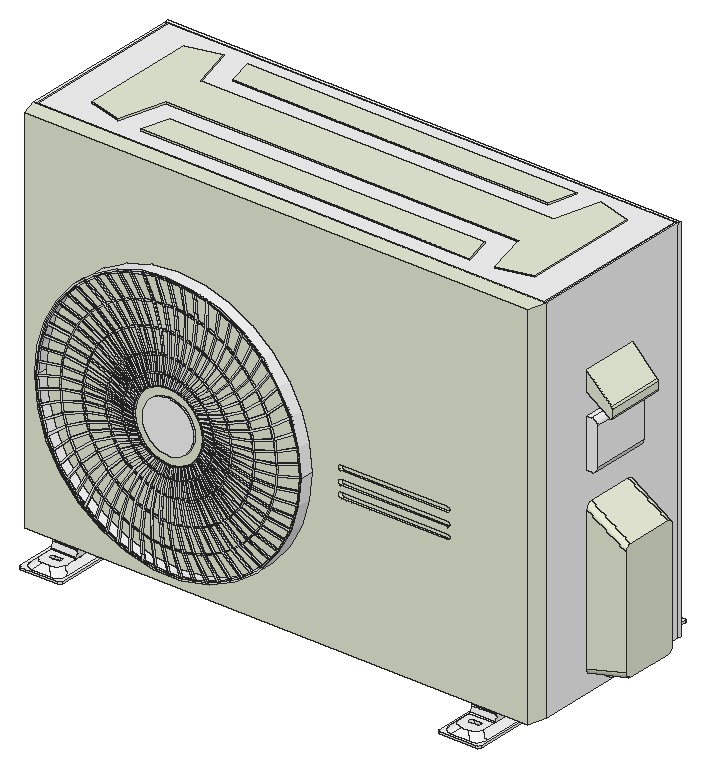
Revit family "M3OA-27HFN8-Q", category Attrezzatura meccanica, Revit 2022
Family settings
  Quota connettore circolare = Usa diametro
  Tipo di parte = Normale
  Numero OmniClass = 23.75.00.00
  Titolo OmniClass = Climate Control (HVAC)
  Basato su piano di lavoro = No
  Sempre verticale = Sì
  Taglio con vuoti quando caricato = No
  Mantieni orientamento annotazione = No
  Condiviso = No
  Punto di calcolo locali = No
Parameters (values of type "T6")
  clearance access right = 600.000 mm
  clearance access left = 300.000 mm
  clearance access front = 2000.000 mm
  clearance access behind = 300.000 mm
  clearance [instance] = no
  Width = 890.000 mm
  Series = ""
  Prospetto di default = 0.000 mm
  Power supply = "220-240V,1Ph, 50/60Hz"
  Net Weight = 48.00 kg
  Modello = "M3OA-27HFN8-Q"
  Minimum Circuit Amps = 18 A
  Min cable selection (power wiring) = "2.5x3 mm2"
  Maximum Fuse Amps = 30 A
  Liquid pipe Radius = 0.5 * Liquid pipe  # 3.175 mm
  Liquid pipe = 6.350 mm
  Installation = "Outdoor installation"
  Height = 673.000 mm
  Gas pipe Radius = 0.5 * Gas pipe  # 4.760 mm
  Gas pipe = 9.520 mm
  Gas = "R32"
  Depth = 342.000 mm
  Condensation = ""
  Compressor = "1"
  Casing color = "SB2098"
  Air Flow = 3500.00 m³/h
Reference planes
  plane 1 "Center (Front/Back)": y = 0
  plane 2: z = 0
  plane 3 "Center (Left/Right)": x = 0
  plane 4: y = 155.5
  plane 5: y = -189.5
  plane 6: x = -400
  plane 7: x = 495
  plane 8: z = 406.5
  plane 9: z = 673
  plane 10: z = 289.5
  plane 11: x = -415
Forms (mm)
  Extrusion 1, solid, material "Galvanized Steel", detail levels medium+fine
    sketch origin (-463, 23.5, 789) x (1, 0, 0) y (0, 1, 0)
      loop
        line (63, -159) -> (71.574, -191) -> (949.426, -191) -> (958, -159) -> (63, -159)
    from -765 to -116
  Extrusion 2, void
    sketch origin (0, 0, -120) x (1, 0, 0) y (0, 0, 1)
      loop
        circle (-122.999, 406.499) r 230
    from 117.48 to 159
  Extrusion 3, solid, material "Galvanized Steel", detail levels fine
    sketch origin (0, 0, 0) x (1, 0, 0) y (0, 1, 0)
      loop
        line (-336.632, 111.286) -> (-336.632, -88.714) -> (-278.677, -104.243) -> (-257.971, -26.969) -> (100, -26.969) -> (357.971, -26.969) -> (378.677, -104.243) -> (436.632, -88.714) -> (436.632, 111.286) -> (378.677, 126.816) -> (357.971, 49.542) -> (100, 49.542) -> (-257.971, 49.542) -> (-278.677, 126.816) -> (-336.632, 111.286)
      loop
        line (-237.266, 126.816) -> (-224.511, 79.213) -> (100, 79.213) -> (324.511, 79.213) -> (337.266, 126.816) -> (100, 126.816) -> (-237.266, 126.816)
      loop
        line (-237.266, -106.816) -> (100, -106.816) -> (337.266, -106.816) -> (324.511, -59.213) -> (100, -59.213) -> (-224.511, -59.213) -> (-237.266, -106.816)
    from 673 to 675
  Extrusion 4, solid, material "Galvanized Steel", detail levels fine
    sketch origin (105.5, 0, 92.706) x (1, 0, 0) y (0, 0, 1)
      loop
        line (389.5, 440) -> (389.5, 406.221) -> (430.474, 377.42)
        arc (430.474, 377.42) -> (433.379, 376.988) -> (435.462, 379.059) r 3.274
        line (435.462, 379.059) -> (435.462, 392.009)
        arc (435.462, 392.009) -> (434.777, 394.004) -> (433.689, 395.811) r 10
        line (433.689, 395.811) -> (389.5, 440)
    from -49.542 to 50
  Extrusion 5, solid, material "HXL White", detail levels fine
    sketch origin (95, 0, 92.706) x (1, 0, 0) y (0, 0, 1)
      loop
        line (400, 367.163) -> (400, 282.163) -> (410, 282.163)
        arc (410, 282.163) -> (417.071, 285.092) -> (420, 292.163) r 10
        line (420, 292.163) -> (420, 357.163)
        arc (420, 357.163) -> (417.071, 364.234) -> (410, 367.163) r 10
        line (410, 367.163) -> (400, 367.163)
    from -49.542 to 50
  Extrusion 6, solid, material "HXL White", detail levels fine
    sketch origin (0, 0, 55) x (1, 0, 0) y (0, 0, 1)
      loop
        line (-400, 451.5) -> (-413.971, 441.771)
        arc (-413.971, 441.771) -> (-414.612, 441.134) -> (-415, 440.318) r 2.624
        line (-415, 440.318) -> (-415, 438.504)
        arc (-415, 438.504) -> (-414.222, 436.932) -> (-412.501, 436.597) r 1.977
        line (-412.501, 436.597) -> (-400, 440.016) -> (-400, 451.5)
    from -49.542 to 26.969
  Extrusion 7, void
    sketch origin (398.949, -167.5, 789) x (1, 0, 0) y (0, 0, -1)
      loop
        line (-236.785, 471.577) -> (-51.785, 471.577)
        arc (-51.785, 471.577) -> (-46.785, 476.577) -> (-51.785, 481.577) r 5
        line (-51.785, 481.577) -> (-236.785, 481.577)
        arc (-236.785, 481.577) -> (-241.785, 476.577) -> (-236.785, 471.577) r 5
      loop
        line (-236.785, 494.283) -> (-51.785, 494.283)
        arc (-51.785, 494.283) -> (-46.785, 499.283) -> (-51.785, 504.283) r 5
        line (-51.785, 504.283) -> (-236.785, 504.283)
        arc (-236.785, 504.283) -> (-241.785, 499.283) -> (-236.785, 494.283) r 5
      loop
        line (-236.785, 514.283) -> (-51.785, 514.283)
        arc (-51.785, 514.283) -> (-46.785, 519.283) -> (-51.785, 524.283) r 5
        line (-51.785, 524.283) -> (-236.785, 524.283)
        arc (-236.785, 524.283) -> (-241.785, 519.283) -> (-236.785, 514.283) r 5
    from 0 to 5.5
Cuts and joins
  Extrusion 2, Extrusion 7 cuts Extrusion 1
Lines and regions (mm)
  model lines
    curve 1: line (-305, 150.5, 673) -> (-305, -135.5, 673)
    curve 2: line (495, 150.5, 673) -> (-305, 150.5, 673)
    curve 3: line (495, -135.5, 673) -> (495, 150.5, 673)
    curve 4: line (-305, -135.5, 673) -> (495, -135.5, 673)
    curve 5: line (-400, 150.5, 24) -> (-400, -135.5, 24)
    curve 6: line (495, 150.5, 24) -> (-400, 150.5, 24)
    curve 7: line (495, -135.5, 24) -> (495, 150.5, 24)
    curve 8: line (-400, -135.5, 24) -> (495, -135.5, 24)
    curve 9: line (-400, -135.5, 555) -> (-400, -135.5, 24)
    curve 10: line (495, -135.5, 24) -> (495, -135.5, 668)
    curve 11: line (495, 155.5, 673) -> (495, 155.5, 142)
    curve 12: line (-400, 155.5, 142) -> (-400, 155.5, 673)
Dimensions and locks
  aligned and locked: level to plane 2
Nested families
  nested 1: "pingban-HXL" at (-400, 155.5, 24), type "pingban-HXL", detail levels medium+fine
    with Width 895.000 mm, Height 649.000 mm, Depth 5.000 mm
  nested 2: "pingban-HXL" at (-400, -135.5, 24) x (0, 1, 0) z (0, 0, 1), type "pingban-HXL", detail levels medium+fine
    with Width 286.000 mm, Height 649.000 mm, Depth 5.000 mm
  nested 3: "pingban-HXL" at (495, 150.5, 24) x (0, -1, 0) z (0, 0, 1), type "pingban-HXL", detail levels medium+fine
    with Width 286.000 mm, Height 649.000 mm, Depth 5.000 mm
  nested 4: "xiaodijia2" at (413, 0, 0), type "xiaodijia2", detail levels medium+fine
  nested 5: "xiaodijia2" at (-318, 0, 0), type "xiaodijia2", detail levels medium+fine
  nested 6: "pingban-HXL" at (-395, 150.5, 24), type "pingban-HXL", detail levels medium+fine
    with Width 885.000 mm, Height 5.000 mm, Depth 286.000 mm
  nested 7: "pingban-HXL" at (-395, 150.5, 668), type "pingban-HXL", detail levels medium+fine
    with Width 885.000 mm, Height 5.000 mm, Depth 286.000 mm
  nested 8: "service space" at (-400, 155.5, 0), visible <- "clearance", Height <- "Height", type "Midea Service  Space"
    with Width 895.000 mm, Height 673.000 mm, Depth 300.000 mm
  nested 9: "service space" at (495, -189.5, 0), visible <- "clearance", Height <- "Height", type "Midea Service  Space"
    with Width 600.000 mm, Height 673.000 mm, Depth 345.000 mm
  nested 10: "service space" at (-700, -189.5, 0), visible <- "clearance", Height <- "Height", type "Midea Service  Space"
    with Width 300.000 mm, Height 673.000 mm, Depth 345.000 mm
  nested 11: "service space" at (-400, -2189.5, 0), visible <- "clearance", Height <- "Height", type "Midea Service  Space"
    with Width 895.000 mm, Height 673.000 mm, Depth 2000.000 mm
  nested 12: "pretection2" at (511.205, 0, 53.418), type "pretection2", detail levels fine
    with clearance no
  nested 13: "fengkou230（quxian）" at (-122.999, -189.5, 286.5) x (1, 0, 0) z (0, 1, 0), type "fengkou230（quxian）", detail levels medium+fine
  nested 14: "fengshan230" at (-122.999, -130, 286.5) x (-1, 0, 0) z (0, 1, 0), type "fengshan230", detail levels fine
  nested 15: "guan_HXL" at (512.596, -20, 164.965) x (0, 0.866, -0.5) z (0, 0.5, 0.866), type "guan_HXL"
    with luomukuandu2 30.000 mm, luomukuandu 20.000 mm, luomuhoudu2 10.000 mm, luomuhoudu 10.000 mm, diameter2 20.000 mm, diameter 20.000 mm, Length2 40.000 mm, Length 85.000 mm
  nested 16: "guan_HXL" at (512.596, -20, 93.918) x (0, 0.866, -0.5) z (0, 0.5, 0.866), type "guan_HXL"
    with luomukuandu2 30.000 mm, luomukuandu 20.000 mm, luomuhoudu2 10.000 mm, luomuhoudu 10.000 mm, diameter2 20.000 mm, diameter 20.000 mm, Length2 40.000 mm, Length 85.000 mm
  nested 17: "guan_HXL" at (512.596, 15, 164.965) x (0, 0.866, -0.5) z (0, 0.5, 0.866), type "guan_HXL"
    with luomukuandu2 30.000 mm, luomukuandu 20.000 mm, luomuhoudu2 10.000 mm, luomuhoudu 10.000 mm, diameter2 20.000 mm, diameter 20.000 mm, Length2 40.000 mm, Length 85.000 mm
  nested 18: "guan_HXL" at (512.596, 15, 93.918) x (0, 0.866, -0.5) z (0, 0.5, 0.866), type "guan_HXL"
    with luomukuandu2 30.000 mm, luomukuandu 20.000 mm, luomuhoudu2 10.000 mm, luomuhoudu 10.000 mm, diameter2 20.000 mm, diameter 20.000 mm, Length2 40.000 mm, Length 85.000 mm
  nested 19: "guan_HXL" at (512.596, -20, 216.227) x (0, 0.866, -0.5) z (0, 0.5, 0.866), type "guan_HXL"
    with luomukuandu2 30.000 mm, luomukuandu 20.000 mm, luomuhoudu2 10.000 mm, luomuhoudu 10.000 mm, diameter2 20.000 mm, diameter 20.000 mm, Length2 40.000 mm, Length 85.000 mm
  nested 20: "guan_HXL" at (512.596, 15, 216.227) x (0, 0.866, -0.5) z (0, 0.5, 0.866), type "guan_HXL"
    with luomukuandu2 30.000 mm, luomukuandu 20.000 mm, luomuhoudu2 10.000 mm, luomuhoudu 10.000 mm, diameter2 20.000 mm, diameter 20.000 mm, Length2 40.000 mm, Length 85.000 mm
Connectors
  electrical at (515, -0.229, 417.369)
    settings: on Extrusion 5, index 1, voltage 220 V, apparent load 0 VA, apparent load phase1 0 VA, apparent load phase2 0 VA, apparent load phase3 0 VA, power factor 1, load classification "HVAC", number of poles 1, system type 30, power factor state 1, is connector primary yes, connector utility no, sub classification motor no, connector description ""
  piping at (467.596, -20, 164.965), diameter 6.35
    settings: on nested 15, index 2, connector inside diameter 1/4", connector length 0.000 mm, flow factor 0, pipe flow 0 GPM, pressure drop 0.00 psi, fitting loss kfactor 0, connector angle 0.00°, fixture units 0, engagement length 0.000 mm, angle of deflection 0.00°, flow configuration 0, flow direction 0, fitting loss method 0, system type 19, joint type 0, gender type 0, connector reference index -1, connector utility 0, adjustable connector no, is connector primary yes, connector description ""
  piping at (467.596, -20, 93.918), diameter 9.52
    settings: on nested 16, index 3, connector inside diameter 0.3748", connector length 0.000 mm, flow factor 0, pipe flow 0 GPM, pressure drop 0.00 psi, fitting loss kfactor 0, connector angle 0.00°, fixture units 0, engagement length 0.000 mm, angle of deflection 0.00°, flow configuration 0, flow direction 0, fitting loss method 0, system type 19, joint type 0, gender type 0, connector reference index -1, connector utility 0, adjustable connector no, is connector primary no, connector description ""
  piping at (467.596, 15, 164.965), diameter 6.35
    settings: on nested 17, index 4, connector inside diameter 1/4", connector length 0.000 mm, flow factor 0, pipe flow 0 GPM, pressure drop 0.00 psi, fitting loss kfactor 0, connector angle 0.00°, fixture units 0, engagement length 0.000 mm, angle of deflection 0.00°, flow configuration 0, flow direction 0, fitting loss method 0, system type 20, joint type 0, gender type 0, connector reference index -1, connector utility 0, adjustable connector no, is connector primary no, connector description ""
  piping at (467.596, 15, 93.918), diameter 9.52
    settings: on nested 18, index 5, connector inside diameter 0.3748", connector length 0.000 mm, flow factor 0, pipe flow 0 GPM, pressure drop 0.00 psi, fitting loss kfactor 0, connector angle 0.00°, fixture units 0, engagement length 0.000 mm, angle of deflection 0.00°, flow configuration 0, flow direction 0, fitting loss method 0, system type 20, joint type 0, gender type 0, connector reference index -1, connector utility 0, adjustable connector no, is connector primary no, connector description ""
  piping at (467.596, -20, 216.227), diameter 6.35
    settings: on nested 19, index 6, connector inside diameter 1/4", connector length 0.000 mm, flow factor 0, pipe flow 0 GPM, pressure drop 0.00 psi, fitting loss kfactor 0, connector angle 0.00°, fixture units 0, engagement length 0.000 mm, angle of deflection 0.00°, flow configuration 0, flow direction 0, fitting loss method 0, system type 7, joint type 0, gender type 0, connector reference index -1, connector utility 0, adjustable connector no, is connector primary no, connector description ""
  piping at (467.596, 15, 216.227), diameter 9.52
    settings: on nested 20, index 7, connector inside diameter 0.3748", connector length 0.000 mm, flow factor 0, pipe flow 0 GPM, pressure drop 0.00 psi, fitting loss kfactor 0, connector angle 0.00°, fixture units 0, engagement length 0.000 mm, angle of deflection 0.00°, flow configuration 0, flow direction 0, fitting loss method 0, system type 7, joint type 0, gender type 0, connector reference index -1, connector utility 0, adjustable connector no, is connector primary no, connector description ""
Definition of nested family "pingban-HXL"
  Parameters
    Width [instance] = 65.000 mm
    Series = ""
    Default Elevation = 0.000 mm
    Machine material = none
    Installation = ""
    Height [instance] = 100.000 mm
    Gas = ""
    Depth [instance] = 5.000 mm
    Condensation = ""
  Reference planes
    plane 1 "Center (Front/Back)": y = 0
    plane 2: z = 0
    plane 3 "Center (Left/Right)": x = 0
    plane 4: z = 160
    plane 5: x = 65
  Forms (mm)
    Extrusion 1, solid, material <- "Machine material"
      sketch origin (0, 0, 0) x (1, 0, 0) y (0, 0, 1)
        loop
          line (0, 100) -> (0, 0) -> (65, 0) -> (65, 100) -> (0, 100)
      from 0 to 5
  Dimensions and locks
    "Width": Extrusion 1 to plane 3 "Center (Left/Right)"
    "Height": Extrusion 1 to level
    "Depth": Extrusion 1 to plane 1 "Center (Front/Back)"
    aligned and locked: level to plane 2
  Automatic sketch dimensions
    Extrusion 1 sketch curve to plane 3 "Center (Left/Right)" = 0.000 mm
    Extrusion 1 sketch curve to level = 0.000 mm
    Extrusion 1 sketch curve to plane 5 = 0.000 mm
    Extrusion 1 sketch curve to plane 4 = 60.000 mm
Definition of nested family "xiaodijia2"
  Parameters
    Default Elevation = 0.000 mm
  Reference planes
    plane 1 "Center (Front/Back)": y = 0
    plane 2: z = 0
    plane 3 "Center (Left/Right)": x = 0
    plane 4: y = 227
    plane 5: x = -36.5
    plane 6: x = 36.5
    plane 7: z = 12
    plane 8: z = 3
    plane 9: z = 24
    plane 10: y = -20
    plane 11: y = 20
    plane 12: x = 21.5
    plane 13: x = -21.5
    plane 14: y = 190
    plane 15: y = -190
    plane 16: x = -6
    plane 17: x = 6
    plane 18: y = -186
    plane 19: y = -194
  Forms (mm)
    Blend 1, solid
      base sketch origin (0, 0, 0) x (1, 0, 0) y (0, 1, 0)
        loop
          line (6.5, 212) -> (-6.5, 212)
          arc (-6.5, 212) -> (-17.107, 207.607) -> (-21.5, 197) r 15
          line (-21.5, 197) -> (-21.5, -197)
          arc (-21.5, -197) -> (-17.107, -207.607) -> (-6.5, -212) r 15
          line (-6.5, -212) -> (6.5, -212)
          arc (6.5, -212) -> (17.107, -207.607) -> (21.5, -197) r 15
          line (21.5, -197) -> (21.5, 197)
          arc (21.5, 197) -> (17.107, 207.607) -> (6.5, 212) r 15
      top sketch origin (0, 0, 0) x (1, 0, 0) y (0, 1, 0)
        loop
          line (26.5, 222) -> (-26.5, 222)
          arc (-26.5, 222) -> (-30.036, 220.536) -> (-31.5, 217) r 5
          line (-31.5, 217) -> (-31.5, -207)
          arc (-31.5, -207) -> (-27.107, -217.607) -> (-16.5, -222) r 15
          line (-16.5, -222) -> (16.5, -222)
          arc (16.5, -222) -> (27.107, -217.607) -> (31.5, -207) r 15
          line (31.5, -207) -> (31.5, 217)
          arc (31.5, 217) -> (30.036, 220.536) -> (26.5, 222) r 5
      from 12 to 3
    Blend 2, void
      base sketch origin (0, 0, 0) x (1, 0, 0) y (0, 1, 0)
        loop
          line (6.5, 202) -> (-6.5, 202)
          arc (-6.5, 202) -> (-10.036, 200.536) -> (-11.5, 197) r 5
          line (-11.5, 197) -> (-11.5, -197)
          arc (-11.5, -197) -> (-10.036, -200.536) -> (-6.5, -202) r 5
          line (-6.5, -202) -> (6.5, -202)
          arc (6.5, -202) -> (10.036, -200.536) -> (11.5, -197) r 5
          line (11.5, -197) -> (11.5, 197)
          arc (11.5, 197) -> (10.036, 200.536) -> (6.5, 202) r 5
      top sketch origin (0, 0, 0) x (1, 0, 0) y (0, 1, 0)
        loop
          line (31.5, -207) -> (31.5, 217)
          arc (31.5, 217) -> (30.036, 220.536) -> (26.5, 222) r 5
          line (26.5, 222) -> (-26.5, 222)
          arc (-26.5, 222) -> (-30.036, 220.536) -> (-31.5, 217) r 5
          line (-31.5, 217) -> (-31.5, -207)
          arc (-31.5, -207) -> (-27.107, -217.607) -> (-16.5, -222) r 15
          line (-16.5, -222) -> (16.5, -222)
          arc (16.5, -222) -> (27.107, -217.607) -> (31.5, -207) r 15
      from 8.355 to 3
    Extrusion 3, solid
      sketch origin (0, 0, 0) x (1, 0, 0) y (0, 1, 0)
        loop
          arc (-31.5, 227) -> (-35.036, 225.536) -> (-36.5, 222) r 5
          line (-36.5, 222) -> (-36.5, -222)
          arc (-36.5, -222) -> (-35.036, -225.536) -> (-31.5, -227) r 5
          line (-31.5, -227) -> (31.5, -227)
          arc (31.5, -227) -> (35.036, -225.536) -> (36.5, -222) r 5
          line (36.5, -222) -> (36.5, 222)
          arc (36.5, 222) -> (35.036, 225.536) -> (31.5, 227) r 5
          line (31.5, 227) -> (-31.5, 227)
        loop
          arc (-26.5, 222) -> (-30.036, 220.536) -> (-31.5, 217) r 5
          line (-31.5, 217) -> (-31.5, -207)
          arc (-31.5, -207) -> (-27.107, -217.607) -> (-16.5, -222) r 15
          line (-16.5, -222) -> (16.5, -222)
          arc (16.5, -222) -> (27.107, -217.607) -> (31.5, -207) r 15
          line (31.5, -207) -> (31.5, 217)
          arc (31.5, 217) -> (30.036, 220.536) -> (26.5, 222) r 5
          line (26.5, 222) -> (-26.5, 222)
      from 0 to 3
    Extrusion 4, solid
      sketch origin (0, 0, 0) x (0, 1, 0) y (0, 0, 1)
        loop
          arc (-19.275, 24) -> (-19.902, 23.667) -> (-20.264, 23.056) r 1.312
          line (-20.264, 23.056) -> (-22.833, 13.434)
          arc (-22.833, 13.434) -> (-23.437, 12.605) -> (-24.266, 12) r 3.318
          line (-24.266, 12) -> (24.266, 12)
          arc (24.266, 12) -> (23.437, 12.605) -> (22.833, 13.434) r 3.318
          line (22.833, 13.434) -> (20.264, 23.056)
          arc (20.264, 23.056) -> (19.902, 23.667) -> (19.275, 24) r 1.312
          line (19.275, 24) -> (-19.275, 24)
      from -21.5 to 21.5
    Extrusion 5, solid
      sketch origin (0, 150, 0) x (0, 1, 0) y (0, 0, 1)
        loop
          arc (-19.275, 24) -> (-19.902, 23.667) -> (-20.264, 23.056) r 1.312
          line (-20.264, 23.056) -> (-22.833, 13.434)
          arc (-22.833, 13.434) -> (-23.437, 12.605) -> (-24.266, 12) r 3.318
          line (-24.266, 12) -> (24.266, 12)
          arc (24.266, 12) -> (23.437, 12.605) -> (22.833, 13.434) r 3.318
          line (22.833, 13.434) -> (20.264, 23.056)
          arc (20.264, 23.056) -> (19.902, 23.667) -> (19.275, 24) r 1.312
          line (19.275, 24) -> (-19.275, 24)
      from -21.5 to 21.5
    Extrusion 6, solid
      sketch origin (0, -150, 0) x (0, 1, 0) y (0, 0, 1)
        loop
          arc (-19.275, 24) -> (-19.902, 23.667) -> (-20.264, 23.056) r 1.312
          line (-20.264, 23.056) -> (-22.833, 13.434)
          arc (-22.833, 13.434) -> (-23.437, 12.605) -> (-24.266, 12) r 3.318
          line (-24.266, 12) -> (24.266, 12)
          arc (24.266, 12) -> (23.437, 12.605) -> (22.833, 13.434) r 3.318
          line (22.833, 13.434) -> (20.264, 23.056)
          arc (20.264, 23.056) -> (19.902, 23.667) -> (19.275, 24) r 1.312
          line (19.275, 24) -> (-19.275, 24)
      from -21.5 to 21.5
    Extrusion 7, void
      sketch origin (0, 0, 0) x (1, 0, 0) y (0, 1, 0)
        loop
          arc (-6, -186) -> (-10, -190) -> (-6, -194) r 4
          line (-6, -194) -> (6, -194)
          arc (6, -194) -> (10, -190) -> (6, -186) r 4
          line (6, -186) -> (-6, -186)
        loop
          line (-6, 186) -> (6, 186)
          arc (6, 186) -> (10, 190) -> (6, 194) r 4
          line (6, 194) -> (-6, 194)
          arc (-6, 194) -> (-10, 190) -> (-6, 186) r 4
      from 0 to 20
  Cuts and joins
    Blend 2, Extrusion 7 cuts Blend 1
  Dimensions and locks
    aligned and locked: level to plane 2
Definition of nested family "service space"
  Parameters
    Width [instance] = 500.000 mm
    Default Elevation = 0.000 mm
    Height [instance] = 500.000 mm
    Depth [instance] = 500.000 mm
  Reference planes
    plane 1 "Center (Front/Back)": y = 0
    plane 2: z = 0
    plane 3 "Center (Left/Right)": x = 0
    plane 4: z = 500
    plane 5: y = 500
    plane 6: x = 500
  Forms (mm)
    Extrusion 1, solid
      sketch origin (0, 0, 0) x (1, 0, 0) y (0, 1, 0)
        loop
          line (0, 500) -> (0, 0) -> (500, 0) -> (500, 500) -> (0, 500)
      from 0 to 500
  Dimensions and locks
    "Width": plane 3 "Center (Left/Right)" to plane 6
    "Depth": plane 5 to plane 1 "Center (Front/Back)"
    "Height": level to plane 4
    aligned and locked: level to plane 2
    aligned and locked: plane 5 to Extrusion 1
    aligned and locked: Extrusion 1 to plane 6
    aligned and locked: Extrusion 1 to plane 3 "Center (Left/Right)"
    aligned and locked: plane 1 "Center (Front/Back)" to Extrusion 1
    aligned and locked: Extrusion 1 to plane 4
  Automatic sketch dimensions
    Extrusion 1 sketch curve to plane 3 "Center (Left/Right)" = 0.000 mm
    plane 1 "Center (Front/Back)" to Extrusion 1 sketch curve = 0.000 mm
    Extrusion 1 sketch curve to plane 6 = 0.000 mm
    Extrusion 1 sketch curve to plane 5 = 0.000 mm
Definition of nested family "pretection2"
  Parameters
    clearance access right = 0.000 mm
    clearance access left = 0.000 mm
    clearance access front = 0.000 mm
    clearance access behind = 0.000 mm
    clearance [instance] = no
    Width = 102.000 mm
    Series = ""
    Default Elevation = 0.000 mm
    Panel color = ""
    Net Weight = 0.00 kg
    Minimum Circuit Amps = 0 A
    Min cable selection (power wiring) = ""
    Maximum Fuse Amps = 0 A
    Machine material = none
    Installation = ""
    Height = 180.000 mm
    Heating Power Input = 0.00 kW
    Heating Capacity = 0.00 kW
    Gas = ""
    Depth = 100.000 mm
    Cooling Power Input = 0.00 kW
    Cooling Capacity = 0.00 kW
    Condensation = ""
    Compressor = ""
    Casing color = ""
    Air Flow = 0.00 m³/h
  Reference planes
    plane 1 "Center (Front/Back)": y = 0
    plane 2: z = 0
    plane 3 "Center (Left/Right)": x = 0
    plane 4: y = 40
    plane 5: y = -40
    plane 6: z = 68.89
    plane 7: x = -16.205
  Forms (mm)
    Blend 1, solid
      base sketch origin (0, 0, 180) x (0, -1, 0) y (0, 0, -1)
        loop
          arc (-40, 162.015) -> (-47.071, 159.086) -> (-50, 152.015) r 10
          line (-50, 152.015) -> (-50, -36.11)
          arc (-50, -36.11) -> (-47.071, -43.181) -> (-40, -46.11) r 10
          line (-40, -46.11) -> (40, -46.11)
          arc (40, -46.11) -> (47.071, -43.181) -> (50, -36.11) r 10
          line (50, -36.11) -> (50, 152.015)
          arc (50, 152.015) -> (47.071, 159.086) -> (40, 162.015) r 10
          line (40, 162.015) -> (-40, 162.015)
      top sketch origin (0, 0, 180) x (0, -1, 0) y (0, 0, -1)
        loop
          arc (-40, 180) -> (-47.071, 177.071) -> (-50, 170) r 10
          line (-50, 170) -> (-50, -80)
          arc (-50, -80) -> (-47.071, -87.071) -> (-40, -90) r 10
          line (-40, -90) -> (40, -90)
          arc (40, -90) -> (47.071, -87.071) -> (50, -80) r 10
          line (50, -80) -> (50, 170)
          arc (50, 170) -> (47.071, 177.071) -> (40, 180) r 10
          line (40, 180) -> (-40, 180)
      from 53.795 to -16.205
    Blend 2, void
      base sketch origin (0, 0, 180) x (0, -1, 0) y (0, 0, -1)
        loop
          line (40, 157.015) -> (-40, 157.015)
          arc (-40, 157.015) -> (-43.536, 155.55) -> (-45, 152.015) r 5
          line (-45, 152.015) -> (-45, -21.11)
          arc (-45, -21.11) -> (-43.536, -24.646) -> (-40, -26.11) r 5
          line (-40, -26.11) -> (40, -26.11)
          arc (40, -26.11) -> (43.536, -24.646) -> (45, -21.11) r 5
          line (45, -21.11) -> (45, 152.015)
          arc (45, 152.015) -> (43.536, 155.55) -> (40, 157.015) r 5
      top sketch origin (0, 0, 180) x (0, -1, 0) y (0, 0, -1)
        loop
          line (40, 175) -> (-40, 175)
          arc (-40, 175) -> (-43.536, 173.536) -> (-45, 170) r 5
          line (-45, 170) -> (-45, -70)
          arc (-45, -70) -> (-43.536, -73.536) -> (-40, -75) r 5
          line (-40, -75) -> (40, -75)
          arc (40, -75) -> (43.536, -73.536) -> (45, -70) r 5
          line (45, -70) -> (45, 170)
          arc (45, 170) -> (43.536, 173.536) -> (40, 175) r 5
      from 45.659 to -51
    Extrusion 3, void
      sketch origin (0, 0, 0) x (1, 0, 0) y (0, 0, 1)
        loop
          line (48.795, 32.985) -> (48.795, 195.95) -> (-11.065, 229.131) -> (-11.065, 21.35) -> (48.795, 32.985)
      from -56.535 to -45
  Cuts and joins
    Blend 2, Extrusion 3 cuts Blend 1
  Dimensions and locks
    aligned and locked: level to plane 2
Definition of nested family "fengkou230（quxian）"
  Parameters
    Series = ""
    Default Elevation = 0.000 mm
    Machine material = none
    Installation = ""
    Gas = ""
    Condensation = ""
  Reference planes
    plane 1 "Center (Front/Back)": y = 0
    plane 2: z = 0
    plane 3 "Center (Left/Right)": x = 0
  Forms (mm)
    Extrusion 1, solid, material <- "Machine material"
      sketch origin (0, 0, 0) x (1, 0, 0) y (0, 1, 0)
        loop
          circle (0, 0) r 60
        loop
          circle (0, 0) r 61
        loop
          circle (0, 0) r 80
        loop
          circle (0, 0) r 81
        loop
          circle (0, 0) r 109
        loop
          circle (0, 0) r 110
        loop
          circle (0, 0) r 149
        loop
          circle (0, 0) r 150
        loop
          circle (0, 0) r 189
        loop
          circle (0, 0) r 190
        loop
          circle (0, 0) r 229
        loop
          circle (0, 0) r 230
      from 0 to 2
    Extrusion 2, solid, material <- "Machine material"
      sketch origin (0, 0, 0) x (-0.92388, 0.382683, 0) y (-0.382683, -0.92388, 0)
        loop
          line (1.697, 229.995) -> (-1.5, 229.995)
          arc (-1.5, 229.995) -> (-16.559, 144.988) -> (-1.5, 59.981) r 247.455
          line (-1.5, 59.981) -> (1.697, 59.981)
          arc (1.697, 59.981) -> (-13.559, 144.988) -> (1.697, 229.995) r 244.455
      from 0 to 2
    Extrusion 3, solid, material <- "Machine material"
      sketch origin (0, 0, 0) x (0.92388, -0.382683, 0) y (0.382683, 0.92388, 0)
        loop
          line (1.697, 229.995) -> (-1.5, 229.995)
          arc (-1.5, 229.995) -> (-16.559, 144.988) -> (-1.5, 59.981) r 247.455
          line (-1.5, 59.981) -> (1.697, 59.981)
          arc (1.697, 59.981) -> (-13.559, 144.988) -> (1.697, 229.995) r 244.455
      from 0 to 2
    Extrusion 4, solid, material <- "Machine material"
      sketch origin (0, 0, 0) x (0.382683, 0.92388, 0) y (-0.92388, 0.382683, 0)
        loop
          line (1.697, 229.995) -> (-1.5, 229.995)
          arc (-1.5, 229.995) -> (-16.559, 144.988) -> (-1.5, 59.981) r 247.455
          line (-1.5, 59.981) -> (1.697, 59.981)
          arc (1.697, 59.981) -> (-13.559, 144.988) -> (1.697, 229.995) r 244.455
      from 0 to 2
    Extrusion 5, solid, material <- "Machine material"
      sketch origin (0, 0, 0) x (-0.382683, -0.92388, 0) y (0.92388, -0.382683, 0)
        loop
          line (1.697, 229.995) -> (-1.5, 229.995)
          arc (-1.5, 229.995) -> (-16.559, 144.988) -> (-1.5, 59.981) r 247.455
          line (-1.5, 59.981) -> (1.697, 59.981)
          arc (1.697, 59.981) -> (-13.559, 144.988) -> (1.697, 229.995) r 244.455
      from 0 to 2
    Extrusion 6, solid, material <- "Machine material"
      sketch origin (0, 0, 0) x (-0.382683, 0.92388, 0) y (-0.92388, -0.382683, 0)
        loop
          line (1.697, 229.995) -> (-1.5, 229.995)
          arc (-1.5, 229.995) -> (-16.559, 144.988) -> (-1.5, 59.981) r 247.455
          line (-1.5, 59.981) -> (1.697, 59.981)
          arc (1.697, 59.981) -> (-13.559, 144.988) -> (1.697, 229.995) r 244.455
      from 0 to 2
    Extrusion 7, solid, material <- "Machine material"
      sketch origin (0, 0, 0) x (0.382683, -0.92388, 0) y (0.92388, 0.382683, 0)
        loop
          line (1.697, 229.995) -> (-1.5, 229.995)
          arc (-1.5, 229.995) -> (-16.559, 144.988) -> (-1.5, 59.981) r 247.455
          line (-1.5, 59.981) -> (1.697, 59.981)
          arc (1.697, 59.981) -> (-13.559, 144.988) -> (1.697, 229.995) r 244.455
      from 0 to 2
    Extrusion 8, solid, material <- "Machine material"
      sketch origin (0, 0, 0) x (0.92388, 0.382683, 0) y (-0.382683, 0.92388, 0)
        loop
          line (1.697, 229.995) -> (-1.5, 229.995)
          arc (-1.5, 229.995) -> (-16.559, 144.988) -> (-1.5, 59.981) r 247.455
          line (-1.5, 59.981) -> (1.697, 59.981)
          arc (1.697, 59.981) -> (-13.559, 144.988) -> (1.697, 229.995) r 244.455
      from 0 to 2
    Extrusion 9, solid, material <- "Machine material"
      sketch origin (0, 0, 0) x (-0.92388, -0.382683, 0) y (0.382683, -0.92388, 0)
        loop
          line (1.697, 229.995) -> (-1.5, 229.995)
          arc (-1.5, 229.995) -> (-16.559, 144.988) -> (-1.5, 59.981) r 247.455
          line (-1.5, 59.981) -> (1.697, 59.981)
          arc (1.697, 59.981) -> (-13.559, 144.988) -> (1.697, 229.995) r 244.455
      from 0 to 2
    Extrusion 10, solid, material <- "Machine material"
      sketch origin (0, 0, 0) x (-0.707107, 0.707107, 0) y (-0.707107, -0.707107, 0)
        loop
          line (1.697, 229.995) -> (-1.5, 229.995)
          arc (-1.5, 229.995) -> (-16.559, 144.988) -> (-1.5, 59.981) r 247.455
          line (-1.5, 59.981) -> (1.697, 59.981)
          arc (1.697, 59.981) -> (-13.559, 144.988) -> (1.697, 229.995) r 244.455
      from 0 to 2
    Extrusion 11, solid, material <- "Machine material"
      sketch origin (0, 0, 0) x (0.707107, -0.707107, 0) y (0.707107, 0.707107, 0)
        loop
          line (1.697, 229.995) -> (-1.5, 229.995)
          arc (-1.5, 229.995) -> (-16.559, 144.988) -> (-1.5, 59.981) r 247.455
          line (-1.5, 59.981) -> (1.697, 59.981)
          arc (1.697, 59.981) -> (-13.559, 144.988) -> (1.697, 229.995) r 244.455
      from 0 to 2
    Extrusion 12, solid, material <- "Machine material"
      sketch origin (0, 0, 0) x (0.707107, 0.707107, 0) y (-0.707107, 0.707107, 0)
        loop
          line (1.697, 229.995) -> (-1.5, 229.995)
          arc (-1.5, 229.995) -> (-16.559, 144.988) -> (-1.5, 59.981) r 247.455
          line (-1.5, 59.981) -> (1.697, 59.981)
          arc (1.697, 59.981) -> (-13.559, 144.988) -> (1.697, 229.995) r 244.455
      from 0 to 2
    Extrusion 13, solid, material <- "Machine material"
      sketch origin (0, 0, 0) x (-0.707107, -0.707107, 0) y (0.707107, -0.707107, 0)
        loop
          line (1.697, 229.995) -> (-1.5, 229.995)
          arc (-1.5, 229.995) -> (-16.559, 144.988) -> (-1.5, 59.981) r 247.455
          line (-1.5, 59.981) -> (1.697, 59.981)
          arc (1.697, 59.981) -> (-13.559, 144.988) -> (1.697, 229.995) r 244.455
      from 0 to 2
    Extrusion 14, solid, material <- "Machine material"
      sketch origin (0, 0, 0) x (0, 1, 0) y (-1, 0, 0)
        loop
          line (1.697, 229.995) -> (-1.5, 229.995)
          arc (-1.5, 229.995) -> (-16.559, 144.988) -> (-1.5, 59.981) r 247.455
          line (-1.5, 59.981) -> (1.697, 59.981)
          arc (1.697, 59.981) -> (-13.559, 144.988) -> (1.697, 229.995) r 244.455
      from 0 to 2
    Extrusion 15, solid, material <- "Machine material"
      sketch origin (0, 0, 0) x (0, -1, 0) y (1, 0, 0)
        loop
          line (1.697, 229.995) -> (-1.5, 229.995)
          arc (-1.5, 229.995) -> (-16.559, 144.988) -> (-1.5, 59.981) r 247.455
          line (-1.5, 59.981) -> (1.697, 59.981)
          arc (1.697, 59.981) -> (-13.559, 144.988) -> (1.697, 229.995) r 244.455
      from 0 to 2
    Extrusion 16, solid, material <- "Machine material"
      sketch origin (0, 0, 0) x (1, 0, 0) y (0, 1, 0)
        loop
          line (1.697, 229.995) -> (-1.5, 229.995)
          arc (-1.5, 229.995) -> (-16.559, 144.988) -> (-1.5, 59.981) r 247.455
          line (-1.5, 59.981) -> (1.697, 59.981)
          arc (1.697, 59.981) -> (-13.559, 144.988) -> (1.697, 229.995) r 244.455
      from 0 to 2
    Extrusion 17, solid, material <- "Machine material"
      sketch origin (0, 0, 0) x (-1, 0, 0) y (0, -1, 0)
        loop
          line (1.697, 229.995) -> (-1.5, 229.995)
          arc (-1.5, 229.995) -> (-16.559, 144.988) -> (-1.5, 59.981) r 247.455
          line (-1.5, 59.981) -> (1.697, 59.981)
          arc (1.697, 59.981) -> (-13.559, 144.988) -> (1.697, 229.995) r 244.455
      from 0 to 2
    Extrusion 18, solid, material <- "Machine material"
      sketch origin (0, 0, 0) x (-0.980785, 0.19509, 0) y (-0.19509, -0.980785, 0)
        loop
          line (1.697, 229.995) -> (-1.5, 229.995)
          arc (-1.5, 229.995) -> (-16.559, 144.988) -> (-1.5, 59.981) r 247.455
          line (-1.5, 59.981) -> (1.697, 59.981)
          arc (1.697, 59.981) -> (-13.559, 144.988) -> (1.697, 229.995) r 244.455
      from 0 to 2
    Extrusion 19, solid, material <- "Machine material"
      sketch origin (0, 0, 0) x (0.980785, -0.19509, 0) y (0.19509, 0.980785, 0)
        loop
          line (1.697, 229.995) -> (-1.5, 229.995)
          arc (-1.5, 229.995) -> (-16.559, 144.988) -> (-1.5, 59.981) r 247.455
          line (-1.5, 59.981) -> (1.697, 59.981)
          arc (1.697, 59.981) -> (-13.559, 144.988) -> (1.697, 229.995) r 244.455
      from 0 to 2
    Extrusion 20, solid, material <- "Machine material"
      sketch origin (0, 0, 0) x (0.19509, 0.980785, 0) y (-0.980785, 0.19509, 0)
        loop
          line (1.697, 229.995) -> (-1.5, 229.995)
          arc (-1.5, 229.995) -> (-16.559, 144.988) -> (-1.5, 59.981) r 247.455
          line (-1.5, 59.981) -> (1.697, 59.981)
          arc (1.697, 59.981) -> (-13.559, 144.988) -> (1.697, 229.995) r 244.455
      from 0 to 2
    Extrusion 21, solid, material <- "Machine material"
      sketch origin (0, 0, 0) x (-0.19509, -0.980785, 0) y (0.980785, -0.19509, 0)
        loop
          line (1.697, 229.995) -> (-1.5, 229.995)
          arc (-1.5, 229.995) -> (-16.559, 144.988) -> (-1.5, 59.981) r 247.455
          line (-1.5, 59.981) -> (1.697, 59.981)
          arc (1.697, 59.981) -> (-13.559, 144.988) -> (1.697, 229.995) r 244.455
      from 0 to 2
    Extrusion 22, solid, material <- "Machine material"
      sketch origin (0, 0, 0) x (-0.55557, 0.83147, 0) y (-0.83147, -0.55557, 0)
        loop
          line (1.697, 229.995) -> (-1.5, 229.995)
          arc (-1.5, 229.995) -> (-16.559, 144.988) -> (-1.5, 59.981) r 247.455
          line (-1.5, 59.981) -> (1.697, 59.981)
          arc (1.697, 59.981) -> (-13.559, 144.988) -> (1.697, 229.995) r 244.455
      from 0 to 2
    Extrusion 23, solid, material <- "Machine material"
      sketch origin (0, 0, 0) x (0.55557, -0.83147, 0) y (0.83147, 0.55557, 0)
        loop
          line (1.697, 229.995) -> (-1.5, 229.995)
          arc (-1.5, 229.995) -> (-16.559, 144.988) -> (-1.5, 59.981) r 247.455
          line (-1.5, 59.981) -> (1.697, 59.981)
          arc (1.697, 59.981) -> (-13.559, 144.988) -> (1.697, 229.995) r 244.455
      from 0 to 2
    Extrusion 24, solid, material <- "Machine material"
      sketch origin (0, 0, 0) x (0.83147, 0.55557, 0) y (-0.55557, 0.83147, 0)
        loop
          line (1.697, 229.995) -> (-1.5, 229.995)
          arc (-1.5, 229.995) -> (-16.559, 144.988) -> (-1.5, 59.981) r 247.455
          line (-1.5, 59.981) -> (1.697, 59.981)
          arc (1.697, 59.981) -> (-13.559, 144.988) -> (1.697, 229.995) r 244.455
      from 0 to 2
    Extrusion 25, solid, material <- "Machine material"
      sketch origin (0, 0, 0) x (-0.83147, -0.55557, 0) y (0.55557, -0.83147, 0)
        loop
          line (1.697, 229.995) -> (-1.5, 229.995)
          arc (-1.5, 229.995) -> (-16.559, 144.988) -> (-1.5, 59.981) r 247.455
          line (-1.5, 59.981) -> (1.697, 59.981)
          arc (1.697, 59.981) -> (-13.559, 144.988) -> (1.697, 229.995) r 244.455
      from 0 to 2
    Extrusion 26, solid, material <- "Machine material"
      sketch origin (0, 0, 0) x (-0.83147, 0.55557, 0) y (-0.55557, -0.83147, 0)
        loop
          line (1.697, 229.995) -> (-1.5, 229.995)
          arc (-1.5, 229.995) -> (-16.559, 144.988) -> (-1.5, 59.981) r 247.455
          line (-1.5, 59.981) -> (1.697, 59.981)
          arc (1.697, 59.981) -> (-13.559, 144.988) -> (1.697, 229.995) r 244.455
      from 0 to 2
    Extrusion 27, solid, material <- "Machine material"
      sketch origin (0, 0, 0) x (0.83147, -0.55557, 0) y (0.55557, 0.83147, 0)
        loop
          line (1.697, 229.995) -> (-1.5, 229.995)
          arc (-1.5, 229.995) -> (-16.559, 144.988) -> (-1.5, 59.981) r 247.455
          line (-1.5, 59.981) -> (1.697, 59.981)
          arc (1.697, 59.981) -> (-13.559, 144.988) -> (1.697, 229.995) r 244.455
      from 0 to 2
    Extrusion 28, solid, material <- "Machine material"
      sketch origin (0, 0, 0) x (0.55557, 0.83147, 0) y (-0.83147, 0.55557, 0)
        loop
          line (1.697, 229.995) -> (-1.5, 229.995)
          arc (-1.5, 229.995) -> (-16.559, 144.988) -> (-1.5, 59.981) r 247.455
          line (-1.5, 59.981) -> (1.697, 59.981)
          arc (1.697, 59.981) -> (-13.559, 144.988) -> (1.697, 229.995) r 244.455
      from 0 to 2
    Extrusion 29, solid, material <- "Machine material"
      sketch origin (0, 0, 0) x (-0.55557, -0.83147, 0) y (0.83147, -0.55557, 0)
        loop
          line (1.697, 229.995) -> (-1.5, 229.995)
          arc (-1.5, 229.995) -> (-16.559, 144.988) -> (-1.5, 59.981) r 247.455
          line (-1.5, 59.981) -> (1.697, 59.981)
          arc (1.697, 59.981) -> (-13.559, 144.988) -> (1.697, 229.995) r 244.455
      from 0 to 2
    Extrusion 30, solid, material <- "Machine material"
      sketch origin (0, 0, 0) x (-0.19509, 0.980785, 0) y (-0.980785, -0.19509, 0)
        loop
          line (1.697, 229.995) -> (-1.5, 229.995)
          arc (-1.5, 229.995) -> (-16.559, 144.988) -> (-1.5, 59.981) r 247.455
          line (-1.5, 59.981) -> (1.697, 59.981)
          arc (1.697, 59.981) -> (-13.559, 144.988) -> (1.697, 229.995) r 244.455
      from 0 to 2
    Extrusion 31, solid, material <- "Machine material"
      sketch origin (0, 0, 0) x (0.19509, -0.980785, 0) y (0.980785, 0.19509, 0)
        loop
          line (1.697, 229.995) -> (-1.5, 229.995)
          arc (-1.5, 229.995) -> (-16.559, 144.988) -> (-1.5, 59.981) r 247.455
          line (-1.5, 59.981) -> (1.697, 59.981)
          arc (1.697, 59.981) -> (-13.559, 144.988) -> (1.697, 229.995) r 244.455
      from 0 to 2
    Extrusion 32, solid, material <- "Machine material"
      sketch origin (0, 0, 0) x (0.980785, 0.19509, 0) y (-0.19509, 0.980785, 0)
        loop
          line (1.697, 229.995) -> (-1.5, 229.995)
          arc (-1.5, 229.995) -> (-16.559, 144.988) -> (-1.5, 59.981) r 247.455
          line (-1.5, 59.981) -> (1.697, 59.981)
          arc (1.697, 59.981) -> (-13.559, 144.988) -> (1.697, 229.995) r 244.455
      from 0 to 2
    Extrusion 33, solid, material <- "Machine material"
      sketch origin (0, 0, 0) x (-0.980785, -0.19509, 0) y (0.19509, -0.980785, 0)
        loop
          line (1.697, 229.995) -> (-1.5, 229.995)
          arc (-1.5, 229.995) -> (-16.559, 144.988) -> (-1.5, 59.981) r 247.455
          line (-1.5, 59.981) -> (1.697, 59.981)
          arc (1.697, 59.981) -> (-13.559, 144.988) -> (1.697, 229.995) r 244.455
      from 0 to 2
    Extrusion 34, solid, material <- "Machine material"
      sketch origin (0, 0, 0) x (-0.95694, 0.290285, 0) y (-0.290285, -0.95694, 0)
        loop
          line (1.697, 229.995) -> (-1.5, 229.995)
          arc (-1.5, 229.995) -> (-16.559, 144.988) -> (-1.5, 59.981) r 247.455
          line (-1.5, 59.981) -> (1.697, 59.981)
          arc (1.697, 59.981) -> (-13.559, 144.988) -> (1.697, 229.995) r 244.455
      from 0 to 2
    Extrusion 35, solid, material <- "Machine material"
      sketch origin (0, 0, 0) x (0.95694, -0.290285, 0) y (0.290285, 0.95694, 0)
        loop
          line (1.697, 229.995) -> (-1.5, 229.995)
          arc (-1.5, 229.995) -> (-16.559, 144.988) -> (-1.5, 59.981) r 247.455
          line (-1.5, 59.981) -> (1.697, 59.981)
          arc (1.697, 59.981) -> (-13.559, 144.988) -> (1.697, 229.995) r 244.455
      from 0 to 2
    Extrusion 36, solid, material <- "Machine material"
      sketch origin (0, 0, 0) x (0.290285, 0.95694, 0) y (-0.95694, 0.290285, 0)
        loop
          line (1.697, 229.995) -> (-1.5, 229.995)
          arc (-1.5, 229.995) -> (-16.559, 144.988) -> (-1.5, 59.981) r 247.455
          line (-1.5, 59.981) -> (1.697, 59.981)
          arc (1.697, 59.981) -> (-13.559, 144.988) -> (1.697, 229.995) r 244.455
      from 0 to 2
    Extrusion 37, solid, material <- "Machine material"
      sketch origin (0, 0, 0) x (-0.290285, -0.95694, 0) y (0.95694, -0.290285, 0)
        loop
          line (1.697, 229.995) -> (-1.5, 229.995)
          arc (-1.5, 229.995) -> (-16.559, 144.988) -> (-1.5, 59.981) r 247.455
          line (-1.5, 59.981) -> (1.697, 59.981)
          arc (1.697, 59.981) -> (-13.559, 144.988) -> (1.697, 229.995) r 244.455
      from 0 to 2
    Extrusion 38, solid, material <- "Machine material"
      sketch origin (0, 0, 0) x (-0.471397, 0.881921, 0) y (-0.881921, -0.471397, 0)
        loop
          line (1.697, 229.995) -> (-1.5, 229.995)
          arc (-1.5, 229.995) -> (-16.559, 144.988) -> (-1.5, 59.981) r 247.455
          line (-1.5, 59.981) -> (1.697, 59.981)
          arc (1.697, 59.981) -> (-13.559, 144.988) -> (1.697, 229.995) r 244.455
      from 0 to 2
    Extrusion 39, solid, material <- "Machine material"
      sketch origin (0, 0, 0) x (0.471397, -0.881921, 0) y (0.881921, 0.471397, 0)
        loop
          line (1.697, 229.995) -> (-1.5, 229.995)
          arc (-1.5, 229.995) -> (-16.559, 144.988) -> (-1.5, 59.981) r 247.455
          line (-1.5, 59.981) -> (1.697, 59.981)
          arc (1.697, 59.981) -> (-13.559, 144.988) -> (1.697, 229.995) r 244.455
      from 0 to 2
    Extrusion 40, solid, material <- "Machine material"
      sketch origin (0, 0, 0) x (0.881921, 0.471397, 0) y (-0.471397, 0.881921, 0)
        loop
          line (1.697, 229.995) -> (-1.5, 229.995)
          arc (-1.5, 229.995) -> (-16.559, 144.988) -> (-1.5, 59.981) r 247.455
          line (-1.5, 59.981) -> (1.697, 59.981)
          arc (1.697, 59.981) -> (-13.559, 144.988) -> (1.697, 229.995) r 244.455
      from 0 to 2
    Extrusion 41, solid, material <- "Machine material"
      sketch origin (0, 0, 0) x (-0.881921, -0.471397, 0) y (0.471397, -0.881921, 0)
        loop
          line (1.697, 229.995) -> (-1.5, 229.995)
          arc (-1.5, 229.995) -> (-16.559, 144.988) -> (-1.5, 59.981) r 247.455
          line (-1.5, 59.981) -> (1.697, 59.981)
          arc (1.697, 59.981) -> (-13.559, 144.988) -> (1.697, 229.995) r 244.455
      from 0 to 2
    Extrusion 42, solid, material <- "Machine material"
      sketch origin (0, 0, 0) x (-0.77301, 0.634393, 0) y (-0.634393, -0.77301, 0)
        loop
          line (1.697, 229.995) -> (-1.5, 229.995)
          arc (-1.5, 229.995) -> (-16.559, 144.988) -> (-1.5, 59.981) r 247.455
          line (-1.5, 59.981) -> (1.697, 59.981)
          arc (1.697, 59.981) -> (-13.559, 144.988) -> (1.697, 229.995) r 244.455
      from 0 to 2
    Extrusion 43, solid, material <- "Machine material"
      sketch origin (0, 0, 0) x (0.77301, -0.634393, 0) y (0.634393, 0.77301, 0)
        loop
          line (1.697, 229.995) -> (-1.5, 229.995)
          arc (-1.5, 229.995) -> (-16.559, 144.988) -> (-1.5, 59.981) r 247.455
          line (-1.5, 59.981) -> (1.697, 59.981)
          arc (1.697, 59.981) -> (-13.559, 144.988) -> (1.697, 229.995) r 244.455
      from 0 to 2
    Extrusion 44, solid, material <- "Machine material"
      sketch origin (0, 0, 0) x (0.634393, 0.77301, 0) y (-0.77301, 0.634393, 0)
        loop
          line (1.697, 229.995) -> (-1.5, 229.995)
          arc (-1.5, 229.995) -> (-16.559, 144.988) -> (-1.5, 59.981) r 247.455
          line (-1.5, 59.981) -> (1.697, 59.981)
          arc (1.697, 59.981) -> (-13.559, 144.988) -> (1.697, 229.995) r 244.455
      from 0 to 2
    Extrusion 45, solid, material <- "Machine material"
      sketch origin (0, 0, 0) x (-0.634393, -0.77301, 0) y (0.77301, -0.634393, 0)
        loop
          line (1.697, 229.995) -> (-1.5, 229.995)
          arc (-1.5, 229.995) -> (-16.559, 144.988) -> (-1.5, 59.981) r 247.455
          line (-1.5, 59.981) -> (1.697, 59.981)
          arc (1.697, 59.981) -> (-13.559, 144.988) -> (1.697, 229.995) r 244.455
      from 0 to 2
    Extrusion 46, solid, material <- "Machine material"
      sketch origin (0, 0, 0) x (-0.098017, 0.995185, 0) y (-0.995185, -0.098017, 0)
        loop
          line (1.697, 229.995) -> (-1.5, 229.995)
          arc (-1.5, 229.995) -> (-16.559, 144.988) -> (-1.5, 59.981) r 247.455
          line (-1.5, 59.981) -> (1.697, 59.981)
          arc (1.697, 59.981) -> (-13.559, 144.988) -> (1.697, 229.995) r 244.455
      from 0 to 2
    Extrusion 47, solid, material <- "Machine material"
      sketch origin (0, 0, 0) x (0.098017, -0.995185, 0) y (0.995185, 0.098017, 0)
        loop
          line (1.697, 229.995) -> (-1.5, 229.995)
          arc (-1.5, 229.995) -> (-16.559, 144.988) -> (-1.5, 59.981) r 247.455
          line (-1.5, 59.981) -> (1.697, 59.981)
          arc (1.697, 59.981) -> (-13.559, 144.988) -> (1.697, 229.995) r 244.455
      from 0 to 2
    Extrusion 48, solid, material <- "Machine material"
      sketch origin (0, 0, 0) x (0.995185, 0.098017, 0) y (-0.098017, 0.995185, 0)
        loop
          line (1.697, 229.995) -> (-1.5, 229.995)
          arc (-1.5, 229.995) -> (-16.559, 144.988) -> (-1.5, 59.981) r 247.455
          line (-1.5, 59.981) -> (1.697, 59.981)
          arc (1.697, 59.981) -> (-13.559, 144.988) -> (1.697, 229.995) r 244.455
      from 0 to 2
    Extrusion 49, solid, material <- "Machine material"
      sketch origin (0, 0, 0) x (-0.995185, -0.098017, 0) y (0.098017, -0.995185, 0)
        loop
          line (1.697, 229.995) -> (-1.5, 229.995)
          arc (-1.5, 229.995) -> (-16.559, 144.988) -> (-1.5, 59.981) r 247.455
          line (-1.5, 59.981) -> (1.697, 59.981)
          arc (1.697, 59.981) -> (-13.559, 144.988) -> (1.697, 229.995) r 244.455
      from 0 to 2
    Extrusion 50, solid, material <- "Machine material"
      sketch origin (0, 0, 0) x (-0.995185, 0.098017, 0) y (-0.098017, -0.995185, 0)
        loop
          line (1.697, 229.995) -> (-1.5, 229.995)
          arc (-1.5, 229.995) -> (-16.559, 144.988) -> (-1.5, 59.981) r 247.455
          line (-1.5, 59.981) -> (1.697, 59.981)
          arc (1.697, 59.981) -> (-13.559, 144.988) -> (1.697, 229.995) r 244.455
      from 0 to 2
    Extrusion 51, solid, material <- "Machine material"
      sketch origin (0, 0, 0) x (0.995185, -0.098017, 0) y (0.098017, 0.995185, 0)
        loop
          line (1.697, 229.995) -> (-1.5, 229.995)
          arc (-1.5, 229.995) -> (-16.559, 144.988) -> (-1.5, 59.981) r 247.455
          line (-1.5, 59.981) -> (1.697, 59.981)
          arc (1.697, 59.981) -> (-13.559, 144.988) -> (1.697, 229.995) r 244.455
      from 0 to 2
    Extrusion 52, solid, material <- "Machine material"
      sketch origin (0, 0, 0) x (0.098017, 0.995185, 0) y (-0.995185, 0.098017, 0)
        loop
          line (1.697, 229.995) -> (-1.5, 229.995)
          arc (-1.5, 229.995) -> (-16.559, 144.988) -> (-1.5, 59.981) r 247.455
          line (-1.5, 59.981) -> (1.697, 59.981)
          arc (1.697, 59.981) -> (-13.559, 144.988) -> (1.697, 229.995) r 244.455
      from 0 to 2
    Extrusion 53, solid, material <- "Machine material"
      sketch origin (0, 0, 0) x (-0.098017, -0.995185, 0) y (0.995185, -0.098017, 0)
        loop
          line (1.697, 229.995) -> (-1.5, 229.995)
          arc (-1.5, 229.995) -> (-16.559, 144.988) -> (-1.5, 59.981) r 247.455
          line (-1.5, 59.981) -> (1.697, 59.981)
          arc (1.697, 59.981) -> (-13.559, 144.988) -> (1.697, 229.995) r 244.455
      from 0 to 2
    Extrusion 54, solid, material <- "Machine material"
      sketch origin (0, 0, 0) x (-0.634393, 0.77301, 0) y (-0.77301, -0.634393, 0)
        loop
          line (1.697, 229.995) -> (-1.5, 229.995)
          arc (-1.5, 229.995) -> (-16.559, 144.988) -> (-1.5, 59.981) r 247.455
          line (-1.5, 59.981) -> (1.697, 59.981)
          arc (1.697, 59.981) -> (-13.559, 144.988) -> (1.697, 229.995) r 244.455
      from 0 to 2
    Extrusion 55, solid, material <- "Machine material"
      sketch origin (0, 0, 0) x (0.634393, -0.77301, 0) y (0.77301, 0.634393, 0)
        loop
          line (1.697, 229.995) -> (-1.5, 229.995)
          arc (-1.5, 229.995) -> (-16.559, 144.988) -> (-1.5, 59.981) r 247.455
          line (-1.5, 59.981) -> (1.697, 59.981)
          arc (1.697, 59.981) -> (-13.559, 144.988) -> (1.697, 229.995) r 244.455
      from 0 to 2
    Extrusion 56, solid, material <- "Machine material"
      sketch origin (0, 0, 0) x (0.77301, 0.634393, 0) y (-0.634393, 0.77301, 0)
        loop
          line (1.697, 229.995) -> (-1.5, 229.995)
          arc (-1.5, 229.995) -> (-16.559, 144.988) -> (-1.5, 59.981) r 247.455
          line (-1.5, 59.981) -> (1.697, 59.981)
          arc (1.697, 59.981) -> (-13.559, 144.988) -> (1.697, 229.995) r 244.455
      from 0 to 2
    Extrusion 57, solid, material <- "Machine material"
      sketch origin (0, 0, 0) x (-0.77301, -0.634393, 0) y (0.634393, -0.77301, 0)
        loop
          line (1.697, 229.995) -> (-1.5, 229.995)
          arc (-1.5, 229.995) -> (-16.559, 144.988) -> (-1.5, 59.981) r 247.455
          line (-1.5, 59.981) -> (1.697, 59.981)
          arc (1.697, 59.981) -> (-13.559, 144.988) -> (1.697, 229.995) r 244.455
      from 0 to 2
    Extrusion 58, solid, material <- "Machine material"
      sketch origin (0, 0, 0) x (-0.881921, 0.471397, 0) y (-0.471397, -0.881921, 0)
        loop
          line (1.697, 229.995) -> (-1.5, 229.995)
          arc (-1.5, 229.995) -> (-16.559, 144.988) -> (-1.5, 59.981) r 247.455
          line (-1.5, 59.981) -> (1.697, 59.981)
          arc (1.697, 59.981) -> (-13.559, 144.988) -> (1.697, 229.995) r 244.455
      from 0 to 2
    Extrusion 59, solid, material <- "Machine material"
      sketch origin (0, 0, 0) x (0.881921, -0.471397, 0) y (0.471397, 0.881921, 0)
        loop
          line (1.697, 229.995) -> (-1.5, 229.995)
          arc (-1.5, 229.995) -> (-16.559, 144.988) -> (-1.5, 59.981) r 247.455
          line (-1.5, 59.981) -> (1.697, 59.981)
          arc (1.697, 59.981) -> (-13.559, 144.988) -> (1.697, 229.995) r 244.455
      from 0 to 2
    Extrusion 60, solid, material <- "Machine material"
      sketch origin (0, 0, 0) x (0.471397, 0.881921, 0) y (-0.881921, 0.471397, 0)
        loop
          line (1.697, 229.995) -> (-1.5, 229.995)
          arc (-1.5, 229.995) -> (-16.559, 144.988) -> (-1.5, 59.981) r 247.455
          line (-1.5, 59.981) -> (1.697, 59.981)
          arc (1.697, 59.981) -> (-13.559, 144.988) -> (1.697, 229.995) r 244.455
      from 0 to 2
    Extrusion 61, solid, material <- "Machine material"
      sketch origin (0, 0, 0) x (-0.471397, -0.881921, 0) y (0.881921, -0.471397, 0)
        loop
          line (1.697, 229.995) -> (-1.5, 229.995)
          arc (-1.5, 229.995) -> (-16.559, 144.988) -> (-1.5, 59.981) r 247.455
          line (-1.5, 59.981) -> (1.697, 59.981)
          arc (1.697, 59.981) -> (-13.559, 144.988) -> (1.697, 229.995) r 244.455
      from 0 to 2
    Extrusion 62, solid, material <- "Machine material"
      sketch origin (0, 0, 0) x (-0.290285, 0.95694, 0) y (-0.95694, -0.290285, 0)
        loop
          line (1.697, 229.995) -> (-1.5, 229.995)
          arc (-1.5, 229.995) -> (-16.559, 144.988) -> (-1.5, 59.981) r 247.455
          line (-1.5, 59.981) -> (1.697, 59.981)
          arc (1.697, 59.981) -> (-13.559, 144.988) -> (1.697, 229.995) r 244.455
      from 0 to 2
    Extrusion 63, solid, material <- "Machine material"
      sketch origin (0, 0, 0) x (0.290285, -0.95694, 0) y (0.95694, 0.290285, 0)
        loop
          line (1.697, 229.995) -> (-1.5, 229.995)
          arc (-1.5, 229.995) -> (-16.559, 144.988) -> (-1.5, 59.981) r 247.455
          line (-1.5, 59.981) -> (1.697, 59.981)
          arc (1.697, 59.981) -> (-13.559, 144.988) -> (1.697, 229.995) r 244.455
      from 0 to 2
    Extrusion 64, solid, material <- "Machine material"
      sketch origin (0, 0, 0) x (0.95694, 0.290285, 0) y (-0.290285, 0.95694, 0)
        loop
          line (1.697, 229.995) -> (-1.5, 229.995)
          arc (-1.5, 229.995) -> (-16.559, 144.988) -> (-1.5, 59.981) r 247.455
          line (-1.5, 59.981) -> (1.697, 59.981)
          arc (1.697, 59.981) -> (-13.559, 144.988) -> (1.697, 229.995) r 244.455
      from 0 to 2
    Extrusion 65, solid, material <- "Machine material"
      sketch origin (0, 0, 0) x (-0.95694, -0.290285, 0) y (0.290285, -0.95694, 0)
        loop
          line (1.697, 229.995) -> (-1.5, 229.995)
          arc (-1.5, 229.995) -> (-16.559, 144.988) -> (-1.5, 59.981) r 247.455
          line (-1.5, 59.981) -> (1.697, 59.981)
          arc (1.697, 59.981) -> (-13.559, 144.988) -> (1.697, 229.995) r 244.455
      from 0 to 2
    Extrusion 66, solid
      sketch origin (0, 0, 0) x (1, 0, 0) y (0, 1, 0)
        loop
          circle (0, 0) r 45
      from 0 to 2
    Extrusion 67, solid, material <- "Machine material"
      sketch origin (0, 0, 0) x (1, 0, 0) y (0, 1, 0)
        loop
          circle (0, 0) r 233
        loop
          circle (0, 0) r 231
      from 0 to 22
  Dimensions and locks
    aligned and locked: level to plane 2
Definition of nested family "fengshan230"
  Parameters
    Default Elevation = 0.000 mm
  Reference planes
    plane 1 "Center (Front/Back)": y = 0
    plane 2: z = 0
    plane 3 "Center (Left/Right)": x = 0
  Forms (mm)
    Extrusion 1, solid
      sketch origin (0, 0, 0) x (1, 0, 0) y (0, 1, 0)
        loop
          circle (0, 0) r 50
      from 0 to 30
    Extrusion 2, solid
      sketch origin (-20, 0, 0) x (0, -1, 0) y (1, 0, 0)
        loop
          arc (32.105, 288.084) -> (-94.042, 273.093) -> (-199.371, 202.075) r 270
          arc (-199.371, 202.075) -> (-134.798, 110.882) -> (-35, 60.622) r 231.205
          arc (-35, 60.622) -> (0, 70) -> (35, 60.622) r 70
          arc (35, 60.622) -> (-8.793, 173.814) -> (32.105, 288.084) r 173.918
      from 0 to 30
    Extrusion 3, solid
      sketch origin (20, 0, 0) x (0, 1, 0) y (-1, 0, 0)
        loop
          arc (32.105, 288.084) -> (-94.042, 273.093) -> (-199.371, 202.075) r 270
          arc (-199.371, 202.075) -> (-134.798, 110.882) -> (-35, 60.622) r 231.205
          arc (-35, 60.622) -> (0, 70) -> (35, 60.622) r 70
          arc (35, 60.622) -> (-8.793, 173.814) -> (32.105, 288.084) r 173.918
      from 0 to 30
    Extrusion 4, solid
      sketch origin (0, 0, 0) x (1, 0, 0) y (0, 1, 0)
        loop
          arc (32.105, 268.084) -> (-94.042, 253.093) -> (-199.371, 182.075) r 270
          arc (-199.371, 182.075) -> (-134.798, 90.882) -> (-35, 40.622) r 231.205
          arc (-35, 40.622) -> (0, 50) -> (35, 40.622) r 70
          arc (35, 40.622) -> (-8.793, 153.814) -> (32.105, 268.084) r 173.918
        loop
          arc (199.371, -182.075) -> (134.798, -90.882) -> (35, -40.622) r 231.205
          arc (35, -40.622) -> (0, -50) -> (-35, -40.622) r 70
          arc (-35, -40.622) -> (8.793, -153.814) -> (-32.105, -268.084) r 173.918
          arc (-32.105, -268.084) -> (94.042, -253.093) -> (199.371, -182.075) r 270
      from 0 to 30
    Extrusion 5, void
      sketch origin (0, 0, 0) x (1, 0, 0) y (0, 1, 0)
        loop
          circle (0, 0) r 230
        loop
          circle (0, 0) r 360
      from 0 to 250
  Cuts and joins
    Extrusion 5 cuts Extrusion 2
    Extrusion 5 cuts Extrusion 3
    Extrusion 5 cuts Extrusion 4
  Dimensions and locks
    aligned and locked: level to plane 2
Definition of nested family "guan_HXL"
  Parameters
    luomukuandu2 [instance] = 30.000 mm
    luomukuandu [instance] = 20.000 mm
    luomuhoudu2 [instance] = 10.000 mm
    luomuhoudu [instance] = 10.000 mm
    diameter2 [instance] = 20.000 mm
    diameter [instance] = 20.000 mm
    Default Elevation = 0.000 mm
    Length2 [instance] = 40.000 mm
    Length [instance] = 85.000 mm
  Reference planes
    plane 1 "Center (Front/Back)": y = 0
    plane 2: z = 0
    plane 3 "Center (Left/Right)": x = 0
    plane 4: z = 10
    plane 5: z = -10
    plane 6: through (0, -1524, 0) normal (0.866, 0, 0.5)
    plane 7: through (0, -1524, 0) normal (-0.866, 0, 0.5)
    plane 8: through (4.33, -1524, 12.5) normal (0.866, 0, 0.5)
    plane 9: through (-12.99, -1524, 2.5) normal (0.866, 0, 0.5)
    plane 10: through (-4.33, -1524, 12.5) normal (-0.866, 0, 0.5)
    plane 11: through (12.99, -1524, 2.5) normal (-0.866, 0, 0.5)
    plane 12: y = -14.109
    plane 13: through (0, -14.109, 1200) normal (-0.866, 0.5, 0)
    plane 14: through (0, -14.109, 1200) normal (-0.866, -0.5, 0)
    plane 15: y = 0.891
    plane 16: y = -29.109
    plane 17: through (-10.104, -1.609, 1200) normal (0.866, -0.5, 0)
    plane 18: through (10.104, -26.609, 1200) normal (-0.866, 0.5, 0)
    plane 19: through (10.104, -1.609, 1200) normal (0.866, 0.5, 0)
    plane 20: through (-15.877, -16.609, 1200) normal (0.866, 0.5, 0)
    plane 21: y = -40
  Forms (mm)
    Extrusion 1, solid
      sketch origin (0, 0, 0) x (1, 0, 0) y (0, 0, 1)
        loop
          circle (0, 0) r 10
      from -45 to 40
